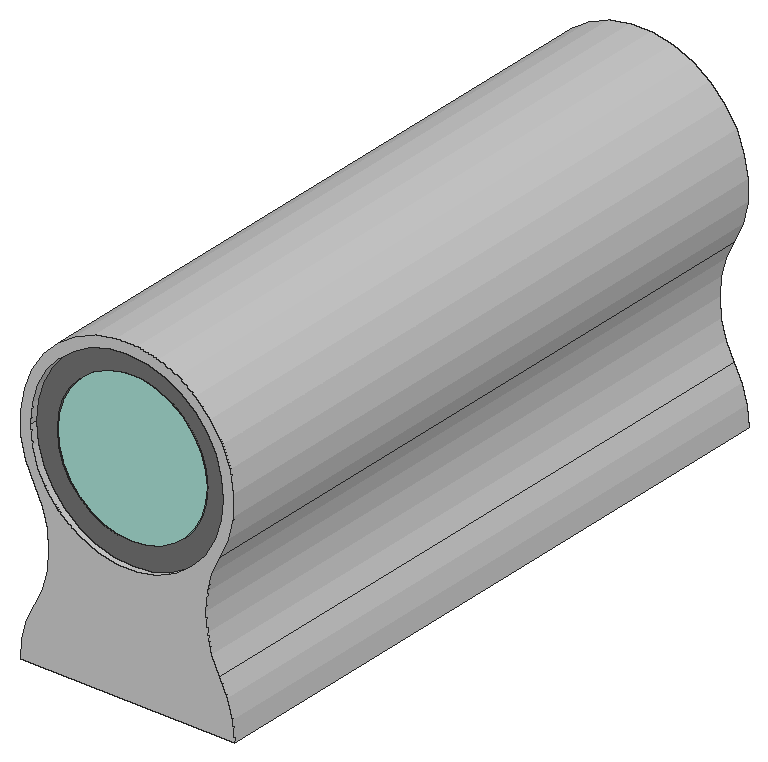
Revit family "Intono 2.2", category Lighting Fixtures, host Face, Revit 2017
Family settings
  Host = Face
  Round Connector Dimension = Use Diameter
  Part Type = Normal
  Cut with Voids When Loaded = Yes
  Light Source = Yes
  Shared = No
  Room Calculation Point = Yes
Parameters (values of type "Intono 2.2 D (3000K 12W 230Vac)")
  Wiring = "parallel"
  Width mm = 76 mm
  Weight kg = "0.63 kg"
  Wattage = 3.04291 W
  built-in parameter 1150110 = 1 (stored number, unit not read)
  Voltage = 230 V
  URL Accessories and power supply units = "https://www.lucelight.it/en/prodotto.php/122302#a-scheda-accessori"
  URL = "https://www.lucelight.it/en/prodotto.php/122302"
  built-in parameter 1114217 = 1 (stored number, unit not read)
  Tiltable = "-"
  URL Technical sheet = "https://www.lucelight.it/media/prodotti/st/ST_INTONO_21-22.pdf"
  URL Image = "https://www.lucelight.it/media/prodotti/foto/intono_2.2_still.jpg"
  URL IES Photometric file = "https://www.lucelight.it/media/prodotti/fotometrie/intono_2.2_ies.zip"
  URL General code = "https://www.lucelight.it/en/prodotto.php/122302#a-generacodice"
  URL Description = "https://www.lucelight.it/en/capitolato.php/122302"
  URL DXF = "https://www.lucelight.it/media/prodotti/dxf/intono_2.2.dxf"
  URL Catalogue = "https://www.lucelight.it/media/prodotti/mf_brochure/intono_brochure_en.pdf"
  Tilt Angle = 180.00°
  built-in parameter 1150109 = 1 (stored number, unit not read)
  built-in parameter 1150134 = (empty or 0)
  built-in parameter 1150113 = 1 (stored number, unit not read)
  Screen = L&L_Black-serigraphed
  Power supply unit = "built in"
  Power supply = "230Vac"
  Power cables = "-"
  Power = "12W"
  Photometric Web File = "INTONO 2.1 D [3000K 6W 230Vac].IES"
  Optics = "diffuse + diffuse"
  Notes = "version compatible with Google Home or Amazon Echo available on request for voice command control"
  No. and type of led = "2 power LEDs, 3-step MacAdam, 50 000h L90 B10 (Ta 25°C)"
  Mounting = "surface mounted (wall)"
  Model = "Intono 2.2"
  Material = "body in die-cast aluminium, screen in black-serigraphed, tempered, transparent extra-clear glass"
  Manufacturer = "L&L Luce&Light"
  built-in parameter 1150105 = 35.969 (stored number, unit not read)
  Lumens = 452 lm
  built-in parameter 1150115 = 1 (stored number, unit not read)
  Lumen output at source = "488 lm (3000K, CRI 80) per beam, 452 lm (3000K, CRI 90) per beam"
  Light Source = Intono 2.1_Light Source : D
  built-in parameter 1150137 = (empty or 0)
  built-in parameter 1150139 = (empty or 0)
  Lens = L&L_Tempered extra-clear glass
  Length mm = 50 mm
  built-in parameter 1150112 = 1 (stored number, unit not read)
  built-in parameter 1150114 = 1 (stored number, unit not read)
  LED Colour = "3000K (also available: 2700K and 4000K - ref. URL Technical sheet)"
  built-in parameter 1150132 = 2
  built-in parameter 1150102 = (empty or 0)
  built-in parameter 1150107 = 3000 (stored number, unit not read)
  built-in parameter 1150138 = (empty or 0)
  built-in parameter 1150106 = 0.35969 (stored number, unit not read)
  IP = "IP65"
  Height mm = 150 mm
  Features = "-"
  Energy efficiency class = "A A+ A++"
  Emit from Line Length = 609.6 mm
  built-in parameter 1150104 = 13.8 (stored number, unit not read)
  Dimming Lamp Color Temperature Shift = <None>
  Description = "Wall mounted for outdoor applications"
  Delivered lumen output = "352 lm (3000K, 34°, CRI 80) per beam, 326 lm (3000K, 34°, CRI 90) per beam"
  Default Elevation = 1219.2 mm
  Cutout dimensions = "-"
  Control system = "-"
  Contact = "T: +39 0444 360571; E: lucelight@lucelight.it"
  Company = "L&L Luce&Light"
  Color Filter = 16777215
  Code = "-"
  CRI = "90 (also available: CRI 80 - ref. URL Technical sheet)"
  Body = L&L_Die-cast aluminium
  built-in parameter 1114218 = 1 (stored number, unit not read)
  built-in parameter 1150133 = 10 (stored number, unit not read)
  Apparent Load Phase 1 = 12 W
  Apparent Load = 0 VA
Types (6, lengths in mm): name | Photometric Web File | Optics | Light Source
  Intono 2.2 D (3000K 12W 230Vac) | "INTONO 2.1 D [3000K 6W 230Vac].IES" | "diffuse + diffuse" | Intono 2.1_Light Source : D
  Intono 2.2 KK 68° (3000K 12W 230Vac) | "INTONO 2.1 K 68° [3000K 6W 230Vac].IES" | "68°+ 68°" | Intono 2.1_Light Source : K 68°
  Intono 2.2 MM 34° (3000K 12W 230Vac) | "INTONO 2.1 M 34° [3000K 6W 230Vac].IES" | "34°+ 34°" | Intono 2.1_Light Source : M 34°
  Intono 2.2 TK 11°+68° (3000K 12W 230Vac) | "INTONO 2.1 T 11° [3000K 6W 230Vac].IES" | "11°+68°" | Intono 2.1_Light Source : K 68°
  Intono 2.2 TT 11° (3000K 12W 230Vac) | "INTONO 2.1 T 11° [3000K 6W 230Vac].IES" | "11°+11°" | Intono 2.1_Light Source : T 11°
  Intono 2.2 ZK 8°+68° (3000K 12W 230Vac) | "INTONO 2.1 Z 8° [3000K 6W 230Vac].IES" | "8°+68°" | Intono 2.1_Light Source : K 68°
Reference planes
  plane 1 "Center (Front/Back)": y = 0
  plane 2: z = 0
  plane 3 "Center (Left/Right)": x = 0
  plane 4: z = 30.8
Forms (mm)
  Extrusion 1, solid, material "L&L_Die-cast aluminium" <- "Body", detail levels coarse
    sketch origin (0, 75, 0.3) x (1, 0, 0) y (0, 0, 1)
      loop
        line (-25, 75.5) -> (-25, -0.3) -> (25, -0.3) -> (25, 75.5) -> (-25, 75.5)
    from 0 to 150
  Extrusion 2, solid, material "L&L_Die-cast aluminium" <- "Body", detail levels fine
    sketch origin (0, 75, 0.3) x (1, 0, 0) y (0, 0, 1)
      loop
        arc (-21.651, 38) -> (-18.301, 25.5) -> (-21.651, 13) r 25
        arc (-21.651, 13) -> (-24.148, 6.97) -> (-25, 0.5) r 25
        line (-25, 0.5) -> (25, 0.5)
        arc (25, 0.5) -> (24.148, 6.97) -> (21.651, 13) r 25
        arc (21.651, 13) -> (18.301, 25.5) -> (21.651, 38) r 25
        arc (21.651, 38) -> (0, 75.5) -> (-21.651, 38) r 25
    from 0 to 150
  Extrusion 3, void
    sketch origin (0, 0, 24.8) x (1, 0, 0) y (0, 0, 1)
      loop
        circle (0, 26) r 22.573
    from -82.518 to -72.5
  Extrusion 4, solid, material "L&L_Die-cast aluminium" <- "Body", detail levels medium
    sketch origin (0, 75, 0.3) x (1, 0, 0) y (0, 0, 1)
      loop
        arc (-21.651, 38) -> (-18.301, 25.5) -> (-21.651, 13) r 25
        arc (-21.651, 13) -> (-24.148, 6.97) -> (-25, 0.5) r 25
        line (-25, 0.5) -> (25, 0.5)
        arc (25, 0.5) -> (24.148, 6.97) -> (21.651, 13) r 25
        arc (21.651, 13) -> (18.301, 25.5) -> (21.651, 38) r 25
        arc (21.651, 38) -> (0, 75.5) -> (-21.651, 38) r 25
    from 0 to 150
  Extrusion 5, solid, detail levels medium+fine
    sketch origin (0, 0, 0) x (1, 0, 0) y (0, 1, 0)
      loop
        arc (15, 50) -> (0, 65) -> (-15, 50) r 15
        line (-15, 50) -> (-15, -50)
        arc (-15, -50) -> (0, -65) -> (15, -50) r 15
        line (15, -50) -> (15, 50)
    from 0 to 0.8
  Extrusion 6, solid, material "L&L_Tempered extra-clear glass" <- "Lens", detail levels fine
    sketch origin (0, 0, 24.5) x (1, 0, 0) y (0, 0, 1)
      loop
        circle (0, 26.3) r 17.5
    from -73.5 to -72.5
  Extrusion 7, solid, material "L&L_Black-serigraphed" <- "Screen", detail levels fine
    sketch origin (0, 0, 24.5) x (1, 0, 0) y (0, 0, 1)
      loop
        circle (0, 26.3) r 17.5
      loop
        circle (0, 26.3) r 22.573
    from -73.5 to -72.5
  Extrusion 8, solid, material "L&L_Black-serigraphed" <- "Screen", detail levels fine
    sketch origin (0, 0, 24.5) x (1, 0, 0) y (0, 0, -1)
      loop
        circle (0, -26.3) r 17.5
      loop
        circle (0, -26.3) r 22.573
    from -73.5 to -72.5
  Extrusion 9, solid, material "L&L_Tempered extra-clear glass" <- "Lens", detail levels fine
    sketch origin (0, 0, 24.5) x (1, 0, 0) y (0, 0, -1)
      loop
        circle (0, -26.3) r 17.5
    from -73.5 to -72.5
  Extrusion 10, void
    sketch origin (0, 0, 0) x (1, 0, 0) y (0, 0, 1)
      loop
        circle (0, 50.8) r 22.573
    from 72.5 to 83.024
Cuts and joins
  Extrusion 3, Extrusion 10 cuts Extrusion 2
Dimensions and locks
  cut or joined group of Extrusion 2, Extrusion 3, Extrusion 10 to cut or joined group of Extrusion 2, Extrusion 3, Extrusion 10 = 2.5 mm
  aligned and locked: plane 2 to host face
  aligned and locked: level to host face
Nested families
  nested 1: "Intono 2.1_Light Source" at (0, -75, 50.8) x (1, 0, 0) z (0, -1, 0), type <- "Light Source", type "D"
Connectors
  electrical at (0, 0, 0), driven by "Apparent Load Phase 1", driven by "Voltage"
    settings: index 1, voltage 230 V, apparent load 0 VA, apparent load phase1 12 VA, apparent load phase2 0 VA, apparent load phase3 0 VA, power factor 1, load classification "Lighting", number of poles 1, system type 31, power factor state 1, is connector primary yes, connector utility no, sub classification motor no, connector description ""
Definition of nested family "Intono 2.1_Light Source"
  Parameters (values of type "D")
    Wattage = 3.04291 W
    built-in parameter 1150110 = 1 (stored number, unit not read)
    built-in parameter 1114217 = 1 (stored number, unit not read)
    Tilt Angle = 90.00°
    built-in parameter 1150109 = 1 (stored number, unit not read)
    built-in parameter 1150134 = (empty or 0)
    built-in parameter 1150113 = 1 (stored number, unit not read)
    Photometric Web File = "INTONO 2.1 D [3000K 6W 230Vac].IES"
    Lumens = 452 lm
    built-in parameter 1150115 = 1 (stored number, unit not read)
    built-in parameter 1150105 = 168.41 (stored number, unit not read)
    built-in parameter 1150137 = (empty or 0)
    built-in parameter 1150139 = (empty or 0)
    built-in parameter 1150112 = 1 (stored number, unit not read)
    built-in parameter 1150114 = 1 (stored number, unit not read)
    built-in parameter 1150132 = 2
    built-in parameter 1150102 = (empty or 0)
    built-in parameter 1150138 = (empty or 0)
    built-in parameter 1150107 = 3000 (stored number, unit not read)
    built-in parameter 1150106 = 1.6841 (stored number, unit not read)
    built-in parameter 1150104 = 13.8 (stored number, unit not read)
    Dimming Lamp Color Temperature Shift = (empty or 0)
    Default Elevation = 1219.2 mm
    Color Filter = 16777215
    built-in parameter 1114218 = 1 (stored number, unit not read)
    built-in parameter 1150133 = 10 (stored number, unit not read)
  Types (5, lengths in mm): name | Photometric Web File | built-in parameter 1150105 | built-in parameter 1150106
    D | "INTONO 2.1 D [3000K 6W 230Vac].IES" | 168.41 (stored number, unit not read) | 1.6841 (stored number, unit not read)
    T 11° | "INTONO 2.1 T 11° [3000K 6W 230Vac].IES" | 6597.4 (stored number, unit not read) | 65.974 (stored number, unit not read)
    K 68° | "INTONO 2.1 K 68° [3000K 6W 230Vac].IES" | 403.81 (stored number, unit not read) | 4.0381 (stored number, unit not read)
    M 34° | "INTONO 2.1 M 34° [3000K 6W 230Vac].IES" | 1064.4 (stored number, unit not read) | 10.644 (stored number, unit not read)
    Z 8° | "INTONO 2.1 Z 8° [3000K 6W 230Vac].IES" | 3024.3 (stored number, unit not read) | 30.243 (stored number, unit not read)
  Reference planes
    plane 1 "Light Source Axis (F/B)": y = 0
    plane 2: z = 0
    plane 3 "Light Source Axis (L/R)": x = 0
    plane 4 "Light Source Elevation": z = 0
  Dimensions and locks
    aligned and locked: plane 3 "Light Source Axis (L/R)" to imposter light
    aligned and locked: plane 1 "Light Source Axis (F/B)" to imposter light
    aligned and locked: plane 4 "Light Source Elevation" to imposter light
    aligned and locked: level to plane 2
